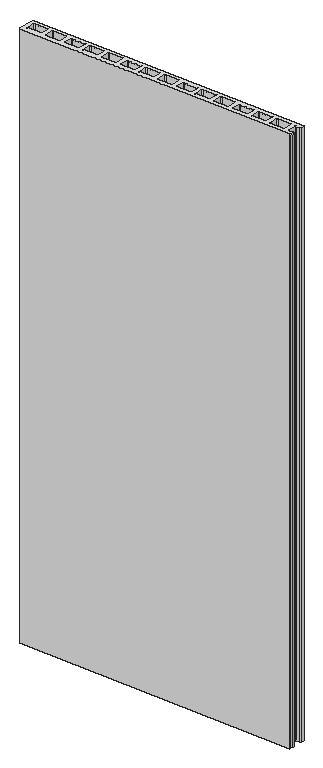
Revit family "ECP_MNH-60100A(オス側カット)", category 一般モデル, Revit 2022
Family settings
  鉄筋をホスト可能 = いいえ
  丸型コネクタ寸法 = 直径を使用
  パーツ タイプ = 標準
  作業面ベース = いいえ
  常に垂直 = はい
  ロード時にボイドで切り取り = はい
  注釈の向きを維持 = いいえ
  共有 = いいえ
  部屋計算ポイント = いいえ
Parameters (values of type "ECP_MNH-60100A")
  長さ [instance] = 2000 mm
  穴表示 = yes
  材質 = 40Msr_ECP
  既定の高さ = 0 mm
  既存長さ = 1000 mm
  幅 [instance] = 985 mm
  固定寸法 = 985 mm
  厚さ = 60 mm
  オース側カット [instance] = 固定寸法 - 幅  # 0 mm
  4 オス側カット [instance] = yes
Reference planes
  plane 1 "中心(正面/背面)": y = 0
  plane 2: z = 0
  plane 3 "中心(左/右)": x = 0
  plane 4: y = -30
  plane 5: y = 30
  plane 6: z = 2000
  plane 7: x = 985
  plane 8: x = 0
Forms (mm)
  Extrusion 1, solid, material "40Msr_ECP" <- "材質", detail levels fine
    sketch origin (0, 0, 0) x (1, 0, 0) y (0, 1, 0)
      loop
        line (0, -28) -> (2, -30) -> (983, -30) -> (985, -28) -> (985, -19)
        arc (985, -19) -> (984.121, -16.879) -> (982, -16) r 3
        line (982, -16) -> (968, -16)
        arc (968, -16) -> (965.879, -15.121) -> (965, -13) r 3
        line (965, -13) -> (965, 13)
        arc (965, 13) -> (965.879, 15.121) -> (968, 16) r 3
        line (968, 16) -> (982, 16)
        arc (982, 16) -> (984.121, 16.879) -> (985, 19) r 3
        line (985, 19) -> (985, 28) -> (983, 30) -> (2, 30) -> (0, 28) -> (0, 16)
        arc (0, 16) -> (-0.879, 13.879) -> (-3, 13) r 3
        line (-3, 13) -> (-22, 13)
        arc (-22, 13) -> (-24.121, 12.121) -> (-25, 10) r 3
        line (-25, 10) -> (-25, -10)
        arc (-25, -10) -> (-24.121, -12.121) -> (-22, -13) r 3
        line (-22, -13) -> (-3, -13)
        arc (-3, -13) -> (-0.879, -13.879) -> (0, -16) r 3
        line (0, -16) -> (0, -28)
    from 0 to 2000
  Extrusion 2, void
    sketch origin (-50, 0, 0) x (1, 0, 0) y (0, 1, 0)
      loop
        line (25, -30) -> (50, -30) -> (50, 30) -> (25, 30) -> (25, -30)
    from 0 to 2000
  Extrusion 3, void
    sketch origin (-617, 0, 0) x (1, 0, 0) y (0, 1, 0)
      loop
        line (634.5, -16) -> (681.5, -16)
        arc (681.5, -16) -> (683.622, -15.121) -> (684.5, -13) r 3
        line (684.5, -13) -> (684.5, 13)
        arc (684.5, 13) -> (683.622, 15.121) -> (681.5, 16) r 3
        line (681.5, 16) -> (634.5, 16)
        arc (634.5, 16) -> (632.379, 15.121) -> (631.5, 13) r 3
        line (631.5, 13) -> (631.5, -13)
        arc (631.5, -13) -> (632.379, -15.121) -> (634.5, -16) r 3
      loop
        line (701.5, -16) -> (749.5, -16)
        arc (749.5, -16) -> (751.622, -15.121) -> (752.5, -13) r 3
        line (752.5, -13) -> (752.5, 13)
        arc (752.5, 13) -> (751.622, 15.121) -> (749.5, 16) r 3
        line (749.5, 16) -> (701.5, 16)
        arc (701.5, 16) -> (699.379, 15.121) -> (698.5, 13) r 3
        line (698.5, 13) -> (698.5, -13)
        arc (698.5, -13) -> (699.379, -15.121) -> (701.5, -16) r 3
      loop
        line (769.5, -16) -> (817.5, -16)
        arc (817.5, -16) -> (819.622, -15.121) -> (820.5, -13) r 3
        line (820.5, -13) -> (820.5, 13)
        arc (820.5, 13) -> (819.622, 15.121) -> (817.5, 16) r 3
        line (817.5, 16) -> (769.5, 16)
        arc (769.5, 16) -> (767.379, 15.121) -> (766.5, 13) r 3
        line (766.5, 13) -> (766.5, -13)
        arc (766.5, -13) -> (767.379, -15.121) -> (769.5, -16) r 3
      loop
        line (837.5, -16) -> (885.5, -16)
        arc (885.5, -16) -> (887.622, -15.121) -> (888.5, -13) r 3
        line (888.5, -13) -> (888.5, 13)
        arc (888.5, 13) -> (887.622, 15.121) -> (885.5, 16) r 3
        line (885.5, 16) -> (837.5, 16)
        arc (837.5, 16) -> (835.379, 15.121) -> (834.5, 13) r 3
        line (834.5, 13) -> (834.5, -13)
        arc (834.5, -13) -> (835.379, -15.121) -> (837.5, -16) r 3
      loop
        line (905.5, -16) -> (953.5, -16)
        arc (953.5, -16) -> (955.622, -15.121) -> (956.5, -13) r 3
        line (956.5, -13) -> (956.5, 13)
        arc (956.5, 13) -> (955.622, 15.121) -> (953.5, 16) r 3
        line (953.5, 16) -> (905.5, 16)
        arc (905.5, 16) -> (903.379, 15.121) -> (902.5, 13) r 3
        line (902.5, 13) -> (902.5, -13)
        arc (902.5, -13) -> (903.379, -15.121) -> (905.5, -16) r 3
      loop
        line (973.5, -16) -> (1021.5, -16)
        arc (1021.5, -16) -> (1023.622, -15.121) -> (1024.5, -13) r 3
        line (1024.5, -13) -> (1024.5, 13)
        arc (1024.5, 13) -> (1023.622, 15.121) -> (1021.5, 16) r 3
        line (1021.5, 16) -> (973.5, 16)
        arc (973.5, 16) -> (971.379, 15.121) -> (970.5, 13) r 3
        line (970.5, 13) -> (970.5, -13)
        arc (970.5, -13) -> (971.379, -15.121) -> (973.5, -16) r 3
      loop
        line (1041.5, -16) -> (1089.5, -16)
        arc (1089.5, -16) -> (1091.622, -15.121) -> (1092.5, -13) r 3
        line (1092.5, -13) -> (1092.5, 13)
        arc (1092.5, 13) -> (1091.622, 15.121) -> (1089.5, 16) r 3
        line (1089.5, 16) -> (1041.5, 16)
        arc (1041.5, 16) -> (1039.379, 15.121) -> (1038.5, 13) r 3
        line (1038.5, 13) -> (1038.5, -13)
        arc (1038.5, -13) -> (1039.379, -15.121) -> (1041.5, -16) r 3
      loop
        line (1109.5, -16) -> (1157.5, -16)
        arc (1157.5, -16) -> (1159.622, -15.121) -> (1160.5, -13) r 3
        line (1160.5, -13) -> (1160.5, 13)
        arc (1160.5, 13) -> (1159.622, 15.121) -> (1157.5, 16) r 3
        line (1157.5, 16) -> (1109.5, 16)
        arc (1109.5, 16) -> (1107.379, 15.121) -> (1106.5, 13) r 3
        line (1106.5, 13) -> (1106.5, -13)
        arc (1106.5, -13) -> (1107.379, -15.121) -> (1109.5, -16) r 3
      loop
        arc (1177.5, 16) -> (1175.379, 15.121) -> (1174.5, 13) r 3
        line (1174.5, 13) -> (1174.5, -13)
        arc (1174.5, -13) -> (1175.379, -15.121) -> (1177.5, -16) r 3
        line (1177.5, -16) -> (1225.5, -16)
        arc (1225.5, -16) -> (1227.622, -15.121) -> (1228.5, -13) r 3
        line (1228.5, -13) -> (1228.5, 13)
        arc (1228.5, 13) -> (1227.622, 15.121) -> (1225.5, 16) r 3
        line (1225.5, 16) -> (1177.5, 16)
      loop
        arc (1245.5, 16) -> (1243.379, 15.121) -> (1242.5, 13) r 3
        line (1242.5, 13) -> (1242.5, -13)
        arc (1242.5, -13) -> (1243.379, -15.121) -> (1245.5, -16) r 3
        line (1245.5, -16) -> (1293.5, -16)
        arc (1293.5, -16) -> (1295.622, -15.121) -> (1296.5, -13) r 3
        line (1296.5, -13) -> (1296.5, 13)
        arc (1296.5, 13) -> (1295.622, 15.121) -> (1293.5, 16) r 3
        line (1293.5, 16) -> (1245.5, 16)
      loop
        arc (1313.5, 16) -> (1311.379, 15.121) -> (1310.5, 13) r 3
        line (1310.5, 13) -> (1310.5, -13)
        arc (1310.5, -13) -> (1311.379, -15.121) -> (1313.5, -16) r 3
        line (1313.5, -16) -> (1361.5, -16)
        arc (1361.5, -16) -> (1363.622, -15.121) -> (1364.5, -13) r 3
        line (1364.5, -13) -> (1364.5, 13)
        arc (1364.5, 13) -> (1363.622, 15.121) -> (1361.5, 16) r 3
        line (1361.5, 16) -> (1313.5, 16)
      loop
        arc (1381.5, 16) -> (1379.379, 15.121) -> (1378.5, 13) r 3
        line (1378.5, 13) -> (1378.5, -13)
        arc (1378.5, -13) -> (1379.379, -15.121) -> (1381.5, -16) r 3
        line (1381.5, -16) -> (1429.5, -16)
        arc (1429.5, -16) -> (1431.622, -15.121) -> (1432.5, -13) r 3
        line (1432.5, -13) -> (1432.5, 13)
        arc (1432.5, 13) -> (1431.622, 15.121) -> (1429.5, 16) r 3
        line (1429.5, 16) -> (1381.5, 16)
      loop
        arc (1449.5, 16) -> (1447.379, 15.121) -> (1446.5, 13) r 3
        line (1446.5, 13) -> (1446.5, -13)
        arc (1446.5, -13) -> (1447.379, -15.121) -> (1449.5, -16) r 3
        line (1449.5, -16) -> (1497.5, -16)
        arc (1497.5, -16) -> (1499.622, -15.121) -> (1500.5, -13) r 3
        line (1500.5, -13) -> (1500.5, 13)
        arc (1500.5, 13) -> (1499.622, 15.121) -> (1497.5, 16) r 3
        line (1497.5, 16) -> (1449.5, 16)
      loop
        arc (1517.5, 16) -> (1515.379, 15.121) -> (1514.5, 13) r 3
        line (1514.5, 13) -> (1514.5, -13)
        arc (1514.5, -13) -> (1515.379, -15.121) -> (1517.5, -16) r 3
        line (1517.5, -16) -> (1564.5, -16)
        arc (1564.5, -16) -> (1566.622, -15.121) -> (1567.5, -13) r 3
        line (1567.5, -13) -> (1567.5, 13)
        arc (1567.5, 13) -> (1566.622, 15.121) -> (1564.5, 16) r 3
        line (1564.5, 16) -> (1517.5, 16)
    from 0 to 2000
Cuts and joins
  Extrusion 2, Extrusion 3 cuts Extrusion 1
Lines and regions (mm)
  symbolic lines, style "ECPパネル", detail levels coarse+medium
    curve 1: line (0, 30, 0) -> (985, 30, 0)
    curve 2: line (0, -30, 0) -> (0, 30, 0)
    curve 3: line (985, -30, 0) -> (0, -30, 0)
    curve 4: line (985, 30, 0) -> (985, -30, 0)
    curve 5: line (0, 0, 0) -> (985, 0, 0)
    curve 6: line (0, 0, 2000) -> (0, 0, 0)
    curve 7: line (985, 0, 2000) -> (0, 0, 2000)
    curve 8: line (985, 0, 0) -> (985, 0, 2000)
    curve 9: line (0, -30, 2000) -> (0, 30, 2000)
    curve 10: line (0, -30, 0) -> (0, -30, 2000)
    curve 11: line (0, 30, 0) -> (0, -30, 0)
    curve 12: line (0, 30, 2000) -> (0, 30, 0)
Dimensions and locks
  "厚さ": plane 4 to plane 5
  "長さ": plane 6 to level
  equal spacing: plane 4, plane 1 "中心(正面/背面)", plane 5
  "長さ": cut or joined group of Extrusion 1, Extrusion 2, Extrusion 3 to level
  "長さ": Extrusion 2 to level
  "幅": cut or joined group of Extrusion 1, Extrusion 2, Extrusion 3 to curve 8
  "長さ": level to Extrusion 3
  "固定寸法": plane 3 "中心(左/右)" to cut or joined group of Extrusion 1, Extrusion 2, Extrusion 3
  "オース側カット": plane 3 "中心(左/右)" to Extrusion 2 sketch curve
  "幅": plane 8 to plane 7
  aligned and locked: level to plane 2
Automatic sketch dimensions
  curve 11 to level = 0 mm
  curve 11 to plane 4 = 0 mm
  curve 11 to plane 5 = 0 mm
  curve 10 to plane 6 = 0 mm
  curve 7 to plane 3 "中心(左/右)" = 0 mm
  curve 7 to plane 6 = 0 mm
  curve 8 to level = 0 mm
  Extrusion 1 sketch curve to plane 3 "中心(左/右)" = 0 mm  (x2)
  plane 5 to Extrusion 1 sketch curve = 0 mm
  plane 4 to Extrusion 1 sketch curve = 0 mm
  Extrusion 1 sketch curve to Extrusion 1 sketch curve = 3 mm  (x3)
  Extrusion 1 sketch curve to plane 3 "中心(左/右)" = 3 mm  (x2)
  plane 3 "中心(左/右)" to Extrusion 1 sketch curve = 2 mm  (x2)
  plane 1 "中心(正面/背面)" to Extrusion 1 sketch curve = 13 mm
  Extrusion 1 sketch curve to Extrusion 1 sketch curve = 963 mm
  Extrusion 1 sketch curve to Extrusion 1 sketch curve = 14 mm  (x2)
  Extrusion 1 sketch curve to Extrusion 1 sketch curve = 1 mm  (x2)
  Extrusion 1 sketch curve to Extrusion 1 sketch curve = 2 mm  (x2)
  Extrusion 1 sketch curve to plane 4 = 2 mm  (x2)
  Extrusion 1 sketch curve to plane 4 = 14 mm
  Extrusion 1 sketch curve to plane 1 "中心(正面/背面)" = 10 mm
  Extrusion 1 sketch curve to plane 1 "中心(正面/背面)" = 13 mm
  plane 5 to Extrusion 1 sketch curve = 2 mm  (x2)
  Extrusion 1 sketch curve to Extrusion 1 sketch curve = 19 mm  (x2)
  plane 3 "中心(左/右)" to Extrusion 3 sketch curve = 14.5 mm
  Extrusion 3 sketch curve to Extrusion 3 sketch curve = 3 mm  (x42)
  plane 5 to Extrusion 3 sketch curve = 14 mm  (x8)
  Extrusion 3 sketch curve to Extrusion 3 sketch curve = 47 mm  (x2)
  Extrusion 3 sketch curve to Extrusion 3 sketch curve = 0 mm  (x14)
  Extrusion 3 sketch curve to Extrusion 3 sketch curve = 14 mm  (x13)
  Extrusion 3 sketch curve to Extrusion 3 sketch curve = 48 mm  (x12)
  Extrusion 3 sketch curve to plane 4 = 14 mm  (x14)
  Extrusion 3 sketch curve to plane 1 "中心(正面/背面)" = 13 mm  (x6)
  plane 4 to Extrusion 2 sketch curve = 0 mm
  plane 5 to Extrusion 2 sketch curve = 0 mm
  Extrusion 2 sketch curve to plane 3 "中心(左/右)" = 25 mm
  plane 4 to curve 2 = 0 mm
  curve 2 to plane 8 = 0 mm
  curve 4 to plane 7 = 0 mm
  plane 5 to curve 1 = 0 mm
